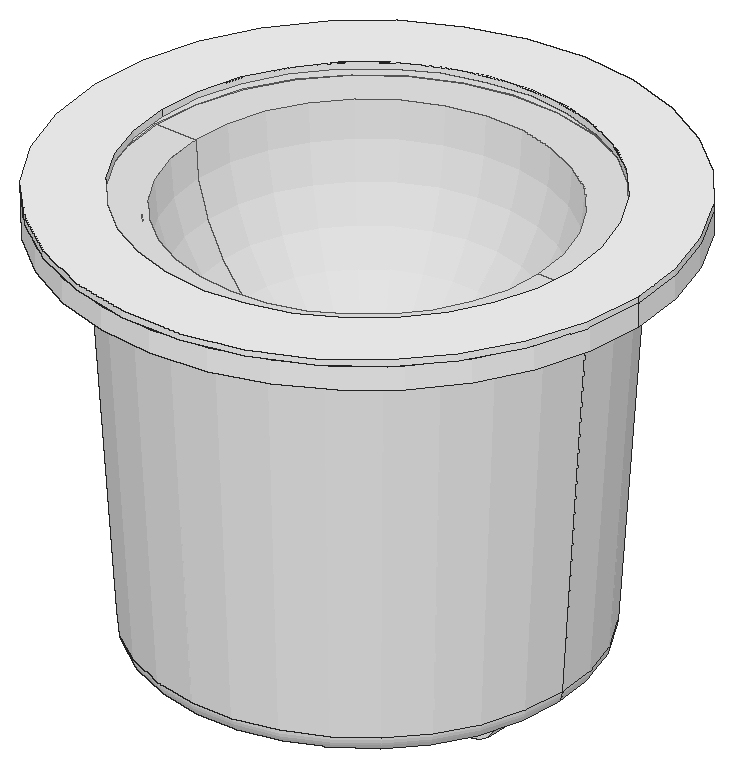
Revit family "2058936", category Lighting Fixtures, host Face, Revit 2018
Family settings
  Host = Face
  Round Connector Dimension = Use Diameter
  Part Type = Normal
  OmniClass Number = 23.80.70.11.17
  OmniClass Title = Specialized Lighting by Location or Use
  Cut with Voids When Loaded = No
  Light Source = Yes
  Shared = No
  Room Calculation Point = No
Parameters (values of type "2058936 MYRIAD DECO IP65 SP 4K PHD WH CBEZ")
  Weight = "n/a"
  Wattage = 15 W
  WarrantyStartDate [instance] = "n/a"
  WarrantyGuarantorParts = "n/a"
  WarrantyDurationUnit = "n/a"
  WarrantyDurationParts = ""
  WarrantyDescription = "http://www.sylvania-lighting.com"
  built-in parameter 1150110 = 1 (stored number, unit not read)
  Voltage = 230 V
  URL = "0"
  TypeName = "MYRIAD DECO IP65 SPOT 4000K PHDM WHITE CBEZ"
  Type Image = 0
  Type Comments = ""
  built-in parameter 1114217 = 1 (stored number, unit not read)
  Tilt Angle = -90°
  built-in parameter 1150109 = 1 (stored number, unit not read)
  built-in parameter 1150134 = (empty or 0)
  built-in parameter 1150113 = 1 (stored number, unit not read)
  SerialNumber [instance] = "n/a"
  Reflector Radius = Cutout Diameter / 2 - 2.5 mm  # 35.0 mm
  Reflector Material = Aluminum_Sylvania_Myriad_Bright
  Recessed Depth = Height  # 72.0 mm
  PowerFactor = 0
  PowerConsumption = "Lighting"
  Photometric Web File = "2058936.ies"
  NominalWidth = 0.0 mm
  NominalLength = 76.0 mm
  NominalHeight = 72.0 mm
  Name = "MYRIAD DECO IP65 SPOT 4000K PHDM WHITE CBEZ"
  ModelReference = "MYRIAD DECO IP65 SPOT 4000K PHDM WHITE CBEZ"
  ModelNumber = "2058936"
  Material = "Feilo Sylvania"
  ManufacturerName = "113 lm/W"
  LuminousEfficacy = ""
  LuminaireType = "0"
  LightOutputRatio = "LED"
  LampsType = Lamp  # "n/a"
  LampNominalLuminous = "4000 K"
  LampMacAdamStep = "90"
  LampColourTemperature = "LED"
  LampColourRenderingIndex = "16500"
  Keynote = "n/a"
  Keynote_2 = "16500"
  InstallationDate [instance] = "n/a"
  InputVoltage = "0"
  InputNominalFrequency = "4000"
  IngressProtection = "IfcLightFixtureType"
  ImpactProtectionIndex = "IfcLightFixtureType"
  IfcExportType = "IfcLightFixtureType"
  IfcExportAs = "Class II"
  Height = 72.0 mm  # constant formula
  ExpectedLife = 50000
  Emit from Circle Diameter = Accessory Inner Diameter 2  # 68.0 mm
  Emit Shape Visible in Rendering = no
  ElectricShockClassification = "113"
  DurationUnit = "hours"
  DocumentationLiterature = "http://www.sylvania-lighting.com/product/en-int/products/2058936"
  DimmingControlOptions = "n/a"
  Diffuser Material = Glass_Sylvania_Myriad_Clear_4000K
  Diffuser Diameter = Cutout Diameter  # 75.0 mm
  Cutout Diameter = 75.0 mm  # constant formula
  CreatedOn = "03/02/2022"
  CreatedBy = "@sylvania-lighting.com"
  built-in parameter 1001205 = 0
  Cost = 0
  built-in parameter 1114216 [instance] = 1 (stored number, unit not read)
  Model = "MYRIAD DECO IP65 SPOT 4000K PHDM WHITE CBEZ"
  Manufacturer = "Feilo Sylvania"  # constant formula
  built-in parameter 1150105 = 83.556 (stored number, unit not read)
  Lumens = 1050 lm
  built-in parameter 1150115 = 1 (stored number, unit not read)
  built-in parameter 1150137 = (empty or 0)
  built-in parameter 1150139 = (empty or 0)
  built-in parameter 1150112 = 1 (stored number, unit not read)
  built-in parameter 1150114 = 1 (stored number, unit not read)
  Lamp = "n/a"
  built-in parameter 1150132 = (empty or 0)
  built-in parameter 1150102 = (empty or 0)
  built-in parameter 1150107 = 2700 (stored number, unit not read)
  built-in parameter 1150138 = (empty or 0)
  built-in parameter 1150106 = 0.83556 (stored number, unit not read)
  built-in parameter 1150104 = 6.5032 (stored number, unit not read)
  Dimming Lamp Color Temperature Shift = <None>
  Description = "Supplied complete with electronic control gear Compact Fluorescent low energy downlight Emergency version passes through the cut out Ideal for low level orientation lighting New range of Architectural accessories each providing a different lit dimension New completely flush plaster up accessory ring for clean ceiling lines and smooth finish Order lamp separately"  # constant formula
  Default Elevation = 0.0 mm
  Color Filter = 16777215
  built-in parameter 1140040 [instance] = 1
  Body Radius = Reflector Radius + 1.5 mm  # 36.5 mm
  Body Material = Aluminum_Sylvania_Myriad_Gray
  BarCode [instance] = "n/a"
  built-in parameter 1114218 = 1 (stored number, unit not read)
  built-in parameter 1150133 = 10 (stored number, unit not read)
  AssetType = "Fixed"
  AssetIdentifier [instance] = "n/a"
  Assembly Code = "D5020200"
  Apparent Load = 10 VA
  Accessory Material = Aluminum_Sylvania_Myriad_White
  Accessory Inner Diameter 2 = Accessory Diameter - 22.0 mm  # 68.0 mm
  Accessory Inner Diameter 1 = Accessory Diameter - 2.0 mm  # 88.0 mm
  Accessory Diameter = Cutout Diameter + 15.0 mm  # 90.0 mm
Reference planes
  plane 1 "Center (Front/Back)": y = 0
  plane 2: z = 0
  plane 3 "Center (Left/Right)": x = 0
  plane 4: z = 2
  plane 5 "Fixture Bottom": z = 4.5
  plane 6: z = -28.5
  plane 7: z = -61.5
  plane 8 "Fixture Top": z = -67.5
  plane 9: z = 3.5
Forms (mm)
  Revolve 1, solid, material "Aluminum_Sylvania_Myriad_Bright" <- "Reflector Material", detail levels fine
    sketch origin (0, 0, 0) x (1, 0, 0) y (0, 0, 1)
      loop
        line (0, -27.515) -> (-6, -27.515)
        arc (-6, -27.515) -> (-22.333, -16.632) -> (-28.5, 2) r 30.135
        line (-28.5, 2) -> (-35, 2) -> (-35, 0) -> (-29.184, 0)
        arc (-29.184, 0) -> (-22.423, -18.18) -> (-6, -28.5) r 30.204
        line (-6, -28.5) -> (0, -28.5) -> (0, -27.515)
      axis (0, -28.5) -> (0, 2)
    angle from 0 to 360
  Revolve 2, solid, material "Aluminum_Sylvania_Myriad_Gray" <- "Body Material", detail levels fine
    sketch origin (0, 0, 0) x (1, 0, 0) y (0, 0, 1)
      loop
        line (-44, 2) -> (-44, 0) -> (-36.5, 0) -> (-32.42, -58.708)
        arc (-32.42, -58.708) -> (-31.474, -60.694) -> (-29.428, -61.5) r 3
        line (-29.428, -61.5) -> (0, -61.5) -> (0, -28.5) -> (-6, -28.5)
        arc (-6, -28.5) -> (-22.423, -18.18) -> (-29.184, 0) r 30.204
        line (-29.184, 0) -> (-35, 0) -> (-35, 2) -> (-44, 2)
      axis (0, 2) -> (0, -61.5)
    angle from 0 to 360
  Extrusion 3, solid, material "Aluminum_Sylvania_Myriad_Gray" <- "Body Material", detail levels fine
    sketch origin (0, 0, 0) x (1, 0, 0) y (0, 0, 1)
      loop
        line (-13.5, -67.5) -> (21, -67.5)
        arc (21, -67.5) -> (23.828, -66.328) -> (25, -63.5) r 4
        line (25, -63.5) -> (25, -61.5) -> (-17.5, -61.5) -> (-17.5, -63.5)
        arc (-17.5, -63.5) -> (-16.328, -66.328) -> (-13.5, -67.5) r 4
    from -4.5 to 4.5
  Extrusion 4, solid, material "Aluminum_Sylvania_Myriad_White" <- "Accessory Material", detail levels fine
    sketch origin (0, 0, 0) x (1, 0, 0) y (0, 1, 0)
      loop
        circle (0, 0) r 45
      loop
        circle (0, 0) r 44
    from 0 to 3.5
  Extrusion 5, solid, material "Aluminum_Sylvania_Myriad_White" <- "Accessory Material", detail levels fine
    sketch origin (0, 0, 0) x (1, 0, 0) y (0, 1, 0)
      loop
        circle (0, 0) r 45
      loop
        circle (0, 0) r 34
    from 3.5 to 4.5
  Extrusion 6, solid, material "Aluminum_Sylvania_Myriad_White" <- "Accessory Material", detail levels coarse+medium
    sketch origin (0, 0, 0) x (1, 0, 0) y (0, 1, 0)
      loop
        circle (0, 0) r 45
    from 0 to 4.5
  Revolve 7, solid, detail levels coarse+medium
    sketch origin (0, 0, 0) x (1, 0, 0) y (0, 0, 1)
      loop
        line (36.5, 0) -> (0, 0) -> (0, -61.5) -> (32.226, -61.5) -> (36.5, 0)
      axis (0, 0) -> (0, -61.5)
    angle from 0 to 360
  Extrusion 8, void
    sketch origin (0, 0, 0) x (1, 0, 0) y (0, 1, 0)
      loop
        circle (0, 0) r 37.5
    from -67.5 to 0
  Extrusion 9, solid, material "Glass_Sylvania_Myriad_Clear_4000K" <- "Diffuser Material", detail levels fine
    sketch origin (0, 0, 0) x (1, 0, 0) y (0, 1, 0)
      loop
        circle (0, 0) r 37.5
    from 2 to 3.5
Cuts and joins
  joined: Extrusion 4, Extrusion 5
Lines and regions (mm)
  Masking region 1
    outline origin (0, 0, 0) x (1, 0, 0) y (0, 1, 0)
      loop
        circle (0, 0) r 45
  symbolic lines
    curve 1: arc (-34, 0, 0) -> (0, 34, 0) -> (34, 0, 0) r 34
    curve 2: arc (34, 0, 0) -> (0, -34, 0) -> (-34, 0, 0) r 34
Dimensions and locks
  locked: plane 7 to plane 8 "Fixture Top" at 6
  "Body Radius": Revolve 7 sketch curve to plane 3 "Center (Left/Right)"
  locked: Revolve 7 sketch curve to Revolve 7 sketch curve at 4.274
  plane 5 "Fixture Bottom" to plane 9 to plane 4 to plane 2 to plane 6 = 1.0 mm locked, 1.5 mm locked, 2.0 mm locked, 28.5 mm locked
  "Reflector Radius": Revolve 1 sketch curve to plane 3 "Center (Left/Right)"
  Revolve 1 sketch curve to Revolve 1 sketch curve to Revolve 1 sketch curve to Revolve 1 sketch curve = 6.5 mm locked, 22.5 mm locked, 0.0 mm locked
  "Reflector Radius": plane 3 "Center (Left/Right)" to Revolve 2 sketch curve
  Revolve 2 sketch curve to Revolve 2 sketch curve to Revolve 2 sketch curve = 7.5 mm locked, 1.5 mm locked
  Revolve 2 sketch curve to Revolve 2 sketch curve to Revolve 2 sketch curve = 5.816 mm locked, 23.184 mm locked
  Revolve 2 sketch curve to Revolve 2 sketch curve to Revolve 2 sketch curve = 2.58 mm locked, 2.993 mm locked
  "Accessory Diameter": diameter of Extrusion 4 sketch curve
  "Accessory Inner Diameter 1": diameter of Extrusion 4 sketch curve
  "Accessory Diameter": diameter of Extrusion 5 sketch curve
  "Accessory Diameter": diameter of Extrusion 6 sketch curve
  "Cutout Diameter": diameter of Extrusion 8 sketch curve
  "Accessory Inner Diameter 2": diameter of Extrusion 5 sketch curve
  "Diffuser Diameter": diameter of Extrusion 9 sketch curve
  aligned and locked: plane 2 to host face
  aligned and locked: level to host face
  aligned and locked: plane 1 "Center (Front/Back)" to imposter light
  aligned and locked: plane 3 "Center (Left/Right)" to imposter light
  aligned and locked: Revolve 1 sketch curve to imposter light
  aligned and locked: Extrusion 3 sketch curve to plane 8 "Fixture Top"
  aligned and locked: plane 7 to Extrusion 3 sketch curve
  aligned and locked: Extrusion 4 to plane 2
  aligned and locked: plane 9 to Extrusion 4
  aligned and locked: Extrusion 5 to plane 9
  aligned and locked: plane 5 "Fixture Bottom" to Extrusion 5
  aligned and locked: Extrusion 6 to plane 2
  aligned and locked: plane 5 "Fixture Bottom" to Extrusion 6
  aligned and locked: Extrusion 8 to plane 8 "Fixture Top"
  aligned and locked: plane 2 to Extrusion 8
  aligned and locked: Masking region 1 sketch curve to Extrusion 6  (x2)
  aligned and locked: Extrusion 9 to plane 4
  aligned and locked: plane 9 to Extrusion 9
  aligned and locked: plane 4 to Revolve 2 sketch curve
  aligned and locked: Revolve 2 sketch curve to plane 2
  aligned and locked: curve 1 to cut or joined group of Extrusion 4, Extrusion 5
  aligned and locked: curve 2 to cut or joined group of Extrusion 4, Extrusion 5
  aligned and locked: imposter light to plane 5 "Fixture Bottom"
Automatic sketch dimensions
  host sketch curve to host sketch curve = 1305.563 mm
  host sketch curve to host sketch curve = 1283.632 mm
  Extrusion 3 sketch curve to plane 7 = 2.0 mm
  Extrusion 3 sketch curve to plane 3 "Center (Left/Right)" = 13.5 mm
  plane 3 "Center (Left/Right)" to Extrusion 3 sketch curve = 21.0 mm
  Extrusion 3 sketch curve to Extrusion 3 sketch curve = 4.0 mm
  Revolve 1 sketch curve to level = 0.0 mm
  Revolve 1 sketch curve to plane 3 "Center (Left/Right)" = 0.0 mm
  Revolve 1 sketch curve to plane 6 = 0.0 mm
  Revolve 1 sketch curve to plane 4 = 0.0 mm
  Revolve 1 sketch curve to Revolve 1 sketch curve = 0.684 mm
  level to Revolve 1 sketch curve = 0.88 mm
  Revolve 1 sketch curve to plane 4 = 0.363 mm
  Revolve 1 sketch curve to Revolve 1 sketch curve = 0.625 mm
  Revolve 1 sketch curve to plane 8 "Fixture Top" = 232.8 mm
  plane 5 "Fixture Bottom" to Revolve 1 sketch curve = 291.243 mm
  Revolve 2 sketch curve to plane 3 "Center (Left/Right)" = 0.0 mm  (x2)
  Revolve 2 sketch curve to plane 7 = 0.0 mm
  Revolve 2 sketch curve to plane 6 = 0.0 mm
  Revolve 2 sketch curve to level = 0.0 mm
  level to Revolve 2 sketch curve = 0.88 mm
  plane 7 to Revolve 2 sketch curve = 2.792 mm
  Revolve 2 sketch curve to plane 8 "Fixture Top" = 304.774 mm
  plane 5 "Fixture Bottom" to Revolve 2 sketch curve = 1137.105 mm
  Extrusion 4 sketch curve to Extrusion 4 sketch curve = 0.0 mm  (x2)
  plane 1 "Center (Front/Back)" to Extrusion 4 sketch curve = 0.0 mm
  Extrusion 4 sketch curve to plane 3 "Center (Left/Right)" = 0.0 mm
  Extrusion 5 sketch curve to Extrusion 5 sketch curve = 0.0 mm  (x2)
  plane 1 "Center (Front/Back)" to Extrusion 5 sketch curve = 0.0 mm
  Extrusion 5 sketch curve to plane 3 "Center (Left/Right)" = 0.0 mm
  plane 1 "Center (Front/Back)" to Extrusion 6 sketch curve = 0.0 mm
  Extrusion 6 sketch curve to plane 3 "Center (Left/Right)" = 0.0 mm
  Revolve 7 sketch curve to level = 0.0 mm
  Revolve 7 sketch curve to plane 3 "Center (Left/Right)" = 0.0 mm  (x2)
  Revolve 7 sketch curve to plane 7 = 0.0 mm
  Revolve 7 sketch curve to plane 8 "Fixture Top" = 304.774 mm
  plane 5 "Fixture Bottom" to Revolve 7 sketch curve = 43.226 mm
  plane 1 "Center (Front/Back)" to Extrusion 8 sketch curve = 0.0 mm
  Extrusion 8 sketch curve to plane 3 "Center (Left/Right)" = 0.0 mm
  plane 1 "Center (Front/Back)" to Extrusion 9 sketch curve = 0.0 mm
  Extrusion 9 sketch curve to plane 3 "Center (Left/Right)" = 0.0 mm
Connectors
  electrical at (-0.006, -0.019, -67.5), driven by "Apparent Load", driven by "Apparent Load"
    settings: on plane 8 "Fixture Top", index 1, voltage 230 V, apparent load 10 VA, apparent load phase1 10 VA, apparent load phase2 0 VA, apparent load phase3 0 VA, power factor 1, load classification "Lighting", number of poles 1, system type 30, power factor state 1, is connector primary yes, connector utility no, sub classification motor no, connector description ""
